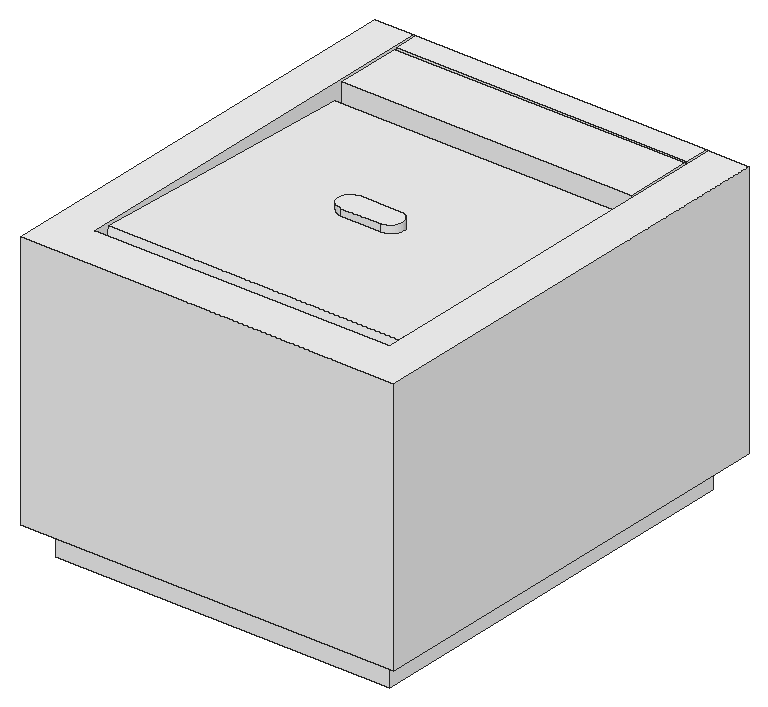
Revit family "Gira_015530", category Electrical Fixtures, host Face, Revit 2017
Family settings
  Host = Face
  Maintain Annotation Orientation = Yes
  Round Connector Dimension = Use Diameter
  Part Type = Normal
  Cut with Voids When Loaded = No
  Shared = No
  Room Calculation Point = No
Parameters (values of type "Rocker btn series btn WP surface-mounted grey")
  With lighting = "No"
  White [instance] = White
  URL = "http://katalog.gira.de/en/datenblatt.html?artikelnr=015530"
  Type of fastening = "Screw mounting"
  Transparent = "No"
  Surface protection = "Other"
  Suitable for degree of protection (IP) = "IP44"
  Number of rockers = "2"
  Nominal voltage = "250"
  Name = "Rocker btn series btn WP surface-mounted grey"
  Mounting method = "Surface mounted (plaster)"
  Model = "Series push button"
  Method of operation = "Rocker"
  Material quality = "Other"
  Material = "Other"
  Manufacturer URL = "https://www.gira.de/"
  Manufacturer = "Gira"
  Label space/information surface = "Yes"
  Imprint = "None"
  HeinzeBIM = "https://bimportal.heinze.de/bim/rocker-btn-series-btn-wp-surface-mounted-grey/93cf1ac2a1465b734f2e7b9f61284943460ce876"
  Halogen free = "No"
  HAN = "015530"
  GTIN = "4010337155300"
  Feedback-signal contact = "No"
  Description = "Rock.btn series btn WP SM GY,Rocker Buttons 10 AX 250 V~,Series button,grey,"
  Default Elevation = 1219.2 mm
  Data sheet (1) = "https://katalog.gira.de/en/download.html?artikelnr=015530"
  Contacts = "2 make contacts (NO)"
  Colour = "Grey"
  Category = "Push-switch button"
  BIM (1) = "https://media.stage.bim.site/public/gira/36a6b08/IP44_Komplettgerät_Schalten und Tasten.rfa?public/gira/36a6b08/IP44_Komplettgerät_Schalten und Tasten.rfa"
  Available = "No"
  Assembly arrangement = "Basic element with complete housing"
Reference planes
  plane 1 "Center (Front/Back)": y = 0
  plane 2: z = 0
  plane 3 "Center (Left/Right)": x = 0
  plane 4: x = 30
  plane 5: x = -30
  plane 6: z = 41.4
Forms (mm)
  Extrusion 1, solid, material "White" <- "White", detail levels medium+fine
    sketch origin (0, 0, 0) x (1, 0, 0) y (0, 1, 0)
      loop
        line (-34, 41) -> (-34, -41) -> (34, -41) -> (34, 41) -> (-34, 41)
    from 0 to -6.2
  Extrusion 2, solid, material "White" <- "White", detail levels medium+fine
    sketch origin (0, 0, 0) x (1, 0, 0) y (0, 1, 0)
      loop
        line (-38, 45) -> (-38, -45) -> (38, -45) -> (38, 45) -> (-38, 45)
    from 0 to 52.4
  Extrusion 3, void
    sketch origin (0, 0, 0) x (1, 0, 0) y (0, 0, 1)
      loop
        line (-30, 59.413) -> (-30, 41.4) -> (30, 41.4) -> (30, 59.413) -> (-30, 59.413)
    from 36 to -113.06
  Extrusion 4, solid, material "White" <- "White", detail levels medium
    sketch origin (225, 0, 0) x (1, 0, 0) y (0, 1, 0)
      loop
        line (-254.5, 44.5) -> (-254.5, -35.5) -> (-195.5, -35.5) -> (-195.5, 44.5) -> (-254.5, 44.5)
    from 41.4 to 52.4
  Extrusion 5, solid, material "White" <- "White", detail levels fine
    sketch origin (0, 0, 0) x (1, 0, 0) y (0, 1, 0)
      loop
        line (-29.5, 45) -> (-29.5, 40) -> (29.5, 40) -> (29.5, 45) -> (-29.5, 45)
    from 41.4 to 52.4
  Extrusion 6, solid, material "White" <- "White", detail levels fine
    sketch origin (0, 0, 0) x (1, 0, 0) y (0, 1, 0)
      loop
        line (29.5, 39.5) -> (-29.5, 39.5) -> (-29.5, 26) -> (29.5, 26) -> (29.5, 39.5)
    from 41.4 to 52.4
  Extrusion 7, solid, material "White" <- "White", detail levels fine
    sketch origin (0, 0, 0) x (1, 0, 0) y (0, 1, 0)
      loop
        arc (-4, -1) -> (-6.5, -3.5) -> (-4, -6) r 2.5
        line (-4, -6) -> (4, -6)
        arc (4, -6) -> (6.5, -3.5) -> (4, -1) r 2.5
        line (4, -1) -> (-4, -1)
    from 41.4 to 52.4
  Extrusion 8, solid, material "White" <- "White", detail levels coarse
    sketch origin (0, 0, 0) x (1, 0, 0) y (0, 1, 0)
      loop
        line (-38, 46) -> (-38, -45) -> (38, -45) -> (38, 46) -> (-38, 46)
    from -6.2 to 52.4
  Extrusion 9, solid, material "White" <- "White", detail levels medium+fine
    sketch origin (0, 0, 0) x (1, 0, 0) y (0, 0, 1)
      loop
        circle (0, 14) r 3.6
    from -46 to -45
  Extrusion 10, solid, material "White" <- "White", detail levels fine
    sketch origin (0, 0, 0) x (0, 1, 0) y (0, 0, 1)
      loop
        line (-36, 41.4) -> (26, 41.4) -> (24.38, 49.736) -> (-33.115, 52.169) -> (-36, 41.4)
    from -29.5 to 29.5
Cuts and joins
  Extrusion 3 cuts Extrusion 2
Dimensions and locks
  aligned and locked: plane 2 to host face
  aligned and locked: level to host face
  aligned and locked: plane 3 "Center (Left/Right)" to nested 1
  aligned and locked: plane 1 "Center (Front/Back)" to nested 1
Nested families
  nested 1: "Schalter" at (0, 0, 0), type "Schalter"
Connectors
  electrical at (0, 0, -6.2)
    settings: on Extrusion 1, index 1, voltage 224 V, apparent load 0 VA, apparent load phase1 0 VA, apparent load phase2 0 VA, apparent load phase3 0 VA, power factor 1, load classification "Other", number of poles 1, system type 30, power factor state 1, is connector primary yes, connector utility no, sub classification motor no, connector description ""
Definition of nested family "Schalter"
  Reference planes
    plane 1: y = 0
    plane 2: x = 0
  Lines and regions (mm)
    detail lines
      curve 1: circle (1.375, 2.778, 0) r 0.8 normal (0, 0, 1)
      curve 2: line (1.021, 2.061, 0) -> (0, 0, 0)
      curve 3: line (0, 0, 0) -> (-0.538, 0.266, 0)
  Dimensions and locks
    curve 2 to curve 2 = 2.3 mm
    curve 3 to curve 2 = 0.6 mm
    radius of curve 1 = 0.8 mm
